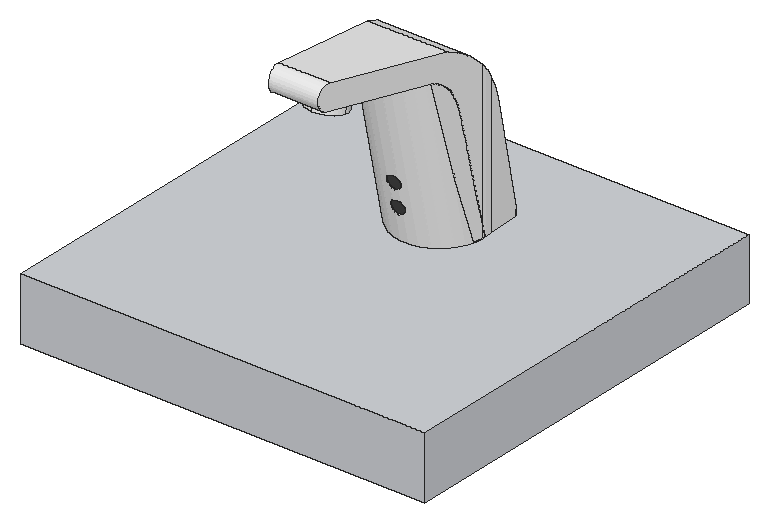
Revit family
Parameters (values of type "Chrome-Polished_Chrome-CP")
  Width [instance] = 0' - 2 5/8"
  WFU = 0
  URL = "http://www.us.kohler.com"
  Sensor = Black Sensors
  Product Page URL = "http://www.us.kohler.com/onlinecatalog/detail.jsp?prod_num=7515"
  Product Documentation Link = "http://www.us.kohler.com/onlinecatalog/pdf/1124217_4.pdf"
  Model = "K-7514"  # constant formula
  Manufacturer = "Kohler"  # constant formula
  Length [instance] = 0' - 6 3/4"
  Installation = "Single-hole"  # constant formula
  Hot Water Radius = 3/16"
  Hot Water Diameter = Hot Water Radius * 2  # 3/8"
  Hot Water Connector = "Hot Water Connection"  # constant formula
  Height [instance] = 0' - 6 1/8"
  HWFU = 0
  HW Connection = yes
  Finish = Chromel-Kohler-CP-Polished Chrome
  Description = "Sculpted Touchless™ DM Faucet"  # constant formula
  Default Elevation = 0' - 0"
  Created By = "http://medialab3dstudio.com"
  Cold Water Radius = 3/16"
  Cold Water Diameter = Cold Water Radius * 2  # 3/8"
  Cold Water Connector = "Cold Water Connection"  # constant formula
  CWFU = 0
  CW Connection = yes
  Assembly Code = "D2010"
  Actual Valve Water Flow = 0.5 GPM
Types (3): name | Product Page URL | Finish
  (no name) | "http://www.us.kohler.com/onlinecatalog/detail.jsp?prod_num=7515" | Chromel-Kohler-CP-Polished Chrome
  Chrome-Polished_Chrome-CP | "http://www.us.kohler.com/onlinecatalog/detail.jsp?prod_num=7515" | Chromel-Kohler-CP-Polished Chrome
  Steel-Vibrant_Stainless-VS | "http://www.us.kohler.com/onlinecatalog/detail.jsp?prod_num=7514" | Steel-Kohler-VS-Vibrant Stainless
Reference planes (in)
  plane 1 "Center (Front/Back)": y = 0
  plane 2: z = 0
  plane 3 "Center (Left/Right)": x = 0
  plane 4 "Back": y = 3.375
  plane 5 "Front": y = -3.375
  plane 6 "Left": x = -1.3125
  plane 7 "Faucet Right": x = 1.3125
  plane 8 "Top": z = 6.125
  plane 9: through (0, -2.94342, 6.1184) normal (0, -0.1812, -0.9835)
  plane 10: through (0, -3.07581, 5.39972) normal (0, -0.1812, -0.9835)
  plane 11: through (0, 2.07873, 0) normal (0, 0.9761, 0.2174)
  plane 12: through (0, 3.375, 0) normal (0, 0.9761, 0.2174)
  plane 13: z = 4.18675
  plane 14: z = 4.74242
  plane 15: x = -1.34375
  plane 16: x = 1.34375
  plane 17: y = -3.67127
  plane 18: y = 2.13994
  plane 19: through (0.73514, -3.32204, 48) normal (-0.9945, 0.1051, 0)
  plane 20: through (-0.73514, -3.32204, 48) normal (-0.9945, -0.1051, 0)
  plane 21: y = -3.32204
  plane 22: through (0, 2.07873, 0) normal (0, 0.9761, 0.2175)
  plane 23: z = 3.48198
  plane 24: y = -0.43019
  plane 25: z = 1.73559
  plane 26: z = 1.03176
  plane 27: through (0, 0.93975, 0) normal (0, 0.9761, 0.2175)
  plane 28: through (0, 0.68975, 0) normal (0, 0.9761, 0.2175)
  plane 29: through (0.38777, 5.82045, 47.78551) normal (0, -0.9833, 0.1822)
  plane 30 "Aeroator bottom": through (0, -2.69056, 4.97232) normal (0, -0.1822, -0.9833)
  plane 31: y = 2.07873
  plane 32: x = -0.3125
  plane 33: x = 0.3125
  plane 34: z = 0.27178
  plane 35: z = 5.39978
  plane 36: z = 5.2782
  plane 37: z = 4.97232
  plane 38: z = 5.17498
  plane 39: z = 4.86911
  plane 40: z = 4.76589
  plane 41: x = -0.56641
  plane 42: x = -0.38777
  plane 43: x = 0.38777
  plane 44: x = 0.56641
  plane 45: z = 4.80313
  plane 46: through (-1.11944, -180, 4.76589) normal (-0.9195, 0, 0.3931)
  plane 47: through (1.11944, -180, 4.76589) normal (-0.9195, 0, -0.3931)
  plane 48: z = 3.69251
  plane 49 "Mixer Right": x = 1.625
  plane 50: through (0, -2.69056, 5.32938) normal (0, -0.1822, -0.9833)
  plane 51: y = 5.125
Forms (in)
  Extrusion 1, solid
    sketch origin (0, 0, 0) x (1, 0, 0) y (0, 1, 0)
      loop
        line (-6, 6) -> (-6, -6) -> (6, -6) -> (6, 6) -> (-6, 6)
    from 0 to -1.85692
  Extrusion 2, solid, material "Chromel-Kohler-CP-Polished Chrome" <- "Finish", detail levels fine
    sketch origin (0, 0, 0) x (0, 1, 0) y (0, 0, 1)
      loop
        arc (-2.94342, 6.1184) -> (-3.36895, 5.82525) -> (-3.07581, 5.39972) r 0.36539
        line (-3.07581, 5.39972) -> (0.22378, 4.79191)
        arc (0.22378, 4.79191) -> (0.70476, 4.58392) -> (1.0466, 4.18675) r 1.16933
        arc (1.0466, 4.18675) -> (1.19778, 3.8427) -> (1.30312, 3.48198) r 2.89513
        line (1.30312, 3.48198) -> (2.07873, 0) -> (3.375, 0) -> (2.59939, 3.48198)
        arc (2.59939, 3.48198) -> (2.33458, 4.15905) -> (1.90071, 4.74242) r 2.73449
        arc (1.90071, 4.74242) -> (1.42347, 5.13533) -> (0.87242, 5.41549) r 2.83585
        line (0.87242, 5.41549) -> (-2.94342, 6.1184)
    from -1.3125 to 1.3125
  Extrusion 3, void
    sketch origin (0, 0, 0) x (1, 0, 0) y (0, 1, 0)
      loop
        line (-1.34375, 3.375) -> (-1.34375, -3.67127) -> (1.34375, -3.67127) -> (1.34375, 3.375) -> (1.18768, 3.375)
        arc (1.18768, 3.375) -> (1.22213, 3.36072) -> (1.23783, 3.32689) r 0.05135
        line (1.23783, 3.32689) -> (1.29986, 2.34092)
        arc (1.29986, 2.34092) -> (1.3083, 2.18062) -> (1.29986, 2.02033) r 1.52489
        line (1.29986, 2.02033) -> (0.72955, -3.375) -> (-0.72955, -3.375) -> (-1.29986, 2.02033)
        arc (-1.29986, 2.02033) -> (-1.3083, 2.18062) -> (-1.29986, 2.34092) r 1.52489
        line (-1.29986, 2.34092) -> (-1.23783, 3.32689)
        arc (-1.23783, 3.32689) -> (-1.22213, 3.36072) -> (-1.18768, 3.375) r 0.05135
        line (-1.18768, 3.375) -> (-1.34375, 3.375)
    from 0 to 6.125
  Sweep 4, solid, material "Chromel-Kohler-CP-Polished Chrome" <- "Finish", detail levels fine
    path origin (0, 0, 0) x (0, 1, 0) y (0, 0, 1)
      loop
        line (2.07873, 0) -> (0.89136, 5.32907)
    profile origin (0, 1.48505, 2.66453) x (0, -0.976066, -0.217477) y (1, 0, 0)
      loop
        line (0, 1.3125) -> (0, -1.3125)
        arc (0, -1.3125) -> (1.3125, 0) -> (0, 1.3125) r 1.3125
  Extrusion 5, void
    sketch origin (0, 0, 0) x (0, 1, 0) y (0, 0, 1)
      loop
        arc (0.22378, 4.79191) -> (0.70476, 4.58392) -> (1.0466, 4.18675) r 1.16933
        arc (1.0466, 4.18675) -> (1.20271, 3.84236) -> (1.31714, 3.48198) r 3.20179
        line (1.31714, 3.48198) -> (2.59939, 3.48198)
        arc (2.59939, 3.48198) -> (2.33458, 4.15905) -> (1.90071, 4.74242) r 2.73449
        arc (1.90071, 4.74242) -> (1.42347, 5.13533) -> (0.87242, 5.41549) r 2.83585
        line (0.87242, 5.41549) -> (-0.43019, 5.65544) -> (-0.43019, 4.91237) -> (0.22378, 4.79191)
    from -1.3125 to 1.3125
  Extrusion 6, void
    sketch origin (0, 0.28242, -0.02891) x (1, 0, 0) y (0, -0.217488, 0.976063)
      loop
        circle (0, 1.73559) r 0.21875
    from -0.64788 to -0.40387
  Extrusion 7, void
    sketch origin (0, 0.28242, -0.8032) x (1, 0, 0) y (0, -0.217488, 0.976063)
      loop
        circle (0, 1.73559) r 0.21875
    from -0.81628 to -0.57227
  Extrusion 8, solid, material "Chromel-Kohler-CP-Polished Chrome" <- "Finish", detail levels fine
    sketch origin (-10.0876, 1.76777, -0.28082) x (1, 0, 0) y (0, 0.983255, -0.182236)
      loop
        arc (9.5212, -4.77457) -> (9.68709, -5.17508) -> (10.0876, -5.34098) r 0.56641
        arc (10.0876, -5.34098) -> (10.48811, -5.17508) -> (10.65401, -4.77457) r 0.56641
        arc (10.65401, -4.77457) -> (10.48811, -4.37406) -> (10.0876, -4.20817) r 0.56641
        arc (10.0876, -4.20817) -> (9.68709, -4.37406) -> (9.5212, -4.77457) r 0.56641
      loop
        arc (9.69983, -4.77457) -> (9.81341, -5.04877) -> (10.0876, -5.16234) r 0.38777
        arc (10.0876, -5.16234) -> (10.36179, -5.04877) -> (10.47537, -4.77457) r 0.38777
        arc (10.47537, -4.77457) -> (10.36179, -4.50038) -> (10.0876, -4.38681) r 0.38777
        arc (10.0876, -4.38681) -> (9.81341, -4.50038) -> (9.69983, -4.77457) r 0.38777
    from 4.35272 to 4.70325
  Extrusion 9, solid, not visible, detail levels fine
    sketch origin (0, 0, 0) x (1, 0, 0) y (0, 1, 0)
      loop
        arc (-0.5, 2.07873) -> (-0.44508, 1.94615) -> (-0.3125, 1.89123) r 0.1875
        arc (-0.3125, 1.89123) -> (-0.17992, 1.94615) -> (-0.125, 2.07873) r 0.1875
        arc (-0.125, 2.07873) -> (-0.17992, 2.21131) -> (-0.3125, 2.26623) r 0.1875
        arc (-0.3125, 2.26623) -> (-0.44508, 2.21131) -> (-0.5, 2.07873) r 0.1875
      loop
        arc (0.125, 2.07873) -> (0.17992, 1.94615) -> (0.3125, 1.89123) r 0.1875
        arc (0.3125, 1.89123) -> (0.44508, 1.94615) -> (0.5, 2.07873) r 0.1875
        arc (0.5, 2.07873) -> (0.44508, 2.21131) -> (0.3125, 2.26623) r 0.1875
        arc (0.3125, 2.26623) -> (0.17992, 2.21131) -> (0.125, 2.07873) r 0.1875
    from 0.27178 to 0
  Extrusion 10, solid, material "Black Sensors" <- "Sensor", detail levels fine
    sketch origin (0, 0.11812, -0.06581) x (1, 0, 0) y (0, -0.217488, 0.976063)
      loop
        circle (0, 1.73559) r 0.20312
    from -0.81628 to -0.63688
  Extrusion 11, solid, material "Black Sensors" <- "Sensor", detail levels fine
    sketch origin (0, 0.28242, -0.8032) x (1, 0, 0) y (0, -0.217488, 0.976063)
      loop
        circle (0, 1.73559) r 0.20442
    from -0.81628 to -0.63688
  Extrusion 12, solid, material "Chromel-Kohler-CP-Polished Chrome" <- "Finish", detail levels coarse+medium
    sketch origin (-1.18768, 3.375, 0) x (1, 0, 0) y (0, 1, 0)
      loop
        line (-0.12482, 0) -> (-0.12482, -6.75) -> (2.81322, -6.75) -> (2.81322, 0) -> (-0.12482, 0)
    from 0 to 6.125
Cuts and joins
  Extrusion 3 cuts Extrusion 2
  joined: Extrusion 2, Extrusion 8
  Extrusion 3, Extrusion 5, Extrusion 6, Extrusion 7 cuts Sweep 4
Lines and regions (in)
  Masking region 1, detail levels coarse
    outline origin (0, 0, 0) x (1, 0, 0) y (0, 1, 0)
      loop
        line (-1.3125, 3.375) -> (-1.3125, -3.375) -> (1.3125, -3.375) -> (1.3125, 3.375) -> (-1.3125, 3.375)
  Masking region 2, detail levels medium
    outline origin (0, 0, 0) x (1, 0, 0) y (0, 1, 0)
      loop
        line (-1.2348, 3.375) -> (-1.29986, 2.34092)
        arc (-1.29986, 2.34092) -> (-1.3083, 2.18062) -> (-1.29986, 2.02033) r 1.52489
        line (-1.29986, 2.02033) -> (-0.72955, -3.375) -> (0.72955, -3.375) -> (1.29986, 2.02033)
        arc (1.29986, 2.02033) -> (1.3083, 2.18062) -> (1.29986, 2.34092) r 1.52489
        line (1.29986, 2.34092) -> (1.2348, 3.375) -> (-1.2348, 3.375)
  Masking region 3, detail levels fine
    outline origin (0, 0, 0) x (1, 0, 0) y (0, 1, 0)
      loop
        line (-1.23783, 3.32689) -> (-1.29986, 2.34092)
        arc (-1.29986, 2.34092) -> (-1.3083, 2.18062) -> (-1.29986, 2.02033) r 1.52489
        line (-1.29986, 2.02033) -> (-0.72955, -3.375) -> (0.72955, -3.375) -> (1.29986, 2.02033)
        arc (1.29986, 2.02033) -> (1.3083, 2.18062) -> (1.29986, 2.34092) r 1.52489
        line (1.29986, 2.34092) -> (1.23783, 3.32689)
        arc (1.23783, 3.32689) -> (1.22213, 3.36072) -> (1.18768, 3.375) r 0.05135
        line (1.18768, 3.375) -> (-1.18768, 3.375)
        arc (-1.18768, 3.375) -> (-1.22213, 3.36072) -> (-1.23783, 3.32689) r 0.05135
  Masking region 4, detail levels coarse
    outline origin (0, 0, 0) x (1, 0, 0) y (0, 0, 1)
      loop
        line (-1.3125, 6.125) -> (-1.3125, 0) -> (1.3125, 0) -> (1.3125, 6.125) -> (-1.3125, 6.125)
  Masking region 5, detail levels medium+fine
    outline origin (0, 0, 0) x (1, 0, 0) y (0, 0, 1)
      loop
        arc (-1.17852, 5.41549) -> (-1.27622, 4.87366) -> (-1.3125, 4.32429) r 4.89866
        line (-1.3125, 4.32429) -> (-1.3125, 0) -> (1.3125, 0) -> (1.3125, 4.32429)
        arc (1.3125, 4.32429) -> (1.27622, 4.87366) -> (1.17852, 5.41549) r 4.89866
        line (1.17852, 5.41549) -> (0.77517, 6.1184) -> (-0.77517, 6.1184) -> (-1.17852, 5.41549)
  Masking region 6, detail levels coarse
    outline origin (0, 0, 0) x (0, 1, 0) y (0, 0, 1)
      loop
        line (3.375, 6.125) -> (-3.375, 6.125) -> (-3.375, 0) -> (3.375, 0) -> (3.375, 6.125)
  Masking region 7, detail levels medium+fine
    outline origin (0, 0, 0) x (0, 1, 0) y (0, 0, 1)
      loop
        line (3.375, 0) -> (2.59939, 3.48198)
        arc (2.59939, 3.48198) -> (2.33458, 4.15905) -> (1.90071, 4.74242) r 2.73449
        arc (1.90071, 4.74242) -> (1.42347, 5.13533) -> (0.87242, 5.41549) r 2.83585
        line (0.87242, 5.41549) -> (-2.94342, 6.1184)
        arc (-2.94342, 6.1184) -> (-3.36895, 5.82525) -> (-3.07581, 5.39972) r 0.36539
        line (-3.07581, 5.39972) -> (-2.62705, 5.31705) -> (-2.69056, 4.97232) -> (-1.57671, 4.76589) -> (-1.51299, 5.11183) -> (-0.35762, 4.89901) -> (0.73398, 0) -> (3.375, 0)
  Masking region 8, detail levels fine
    outline origin (0, 0, 0) x (0, 1, 0) y (0, 0, 1)
      loop
        line (3.375, 0) -> (2.59939, 3.48198)
        arc (2.59939, 3.48198) -> (2.33458, 4.15905) -> (1.90071, 4.74242) r 2.73449
        arc (1.90071, 4.74242) -> (1.42347, 5.13533) -> (0.87242, 5.41549) r 2.83585
        line (0.87242, 5.41549) -> (-2.94342, 6.1184)
        arc (-2.94342, 6.1184) -> (-3.36895, 5.82525) -> (-3.07581, 5.39972) r 0.36539
        line (-3.07581, 5.39972) -> (0.22378, 4.79191)
        arc (0.22378, 4.79191) -> (0.70476, 4.58392) -> (1.0466, 4.18675) r 1.16933
        arc (1.0466, 4.18675) -> (1.16168, 3.94402) -> (1.256, 3.69251) r 3.20179
        line (1.256, 3.69251) -> (2.07873, 0) -> (3.375, 0)
  symbolic lines, style "Masking Lines", detail levels fine
    curve 1: spline (-0.7678, -3.375, 6.125) -> (-0.75843, -3.375, 6.11341) -> (-0.74965, -3.375, 6.08047) -> (-0.74197, -3.375, 6.02817) -> (-0.73586, -3.375, 5.95967) -> (-0.7317, -3.375, 5.87909) -> (-0.72973, -3.375, 5.79129) -> (-0.73006, -3.375, 5.70157) -> (-0.73269, -3.375, 5.61534) -> (-0.73745, -3.375, 5.5378) -> (-0.74406, -3.375, 5.47361) -> (-0.75211, -3.375, 5.42666) -> (-0.76112, -3.375, 5.39978)
    curve 2: line (-0.76117, -3.375, 5.39972) -> (-1.10351, -3.375, 4.80313)
    curve 3: spline (-1.11944, -3.375, 4.76589) -> (-1.12767, -3.375, 4.74224) -> (-1.1357, -3.375, 4.71321) -> (-1.1435, -3.375, 4.67893) -> (-1.15104, -3.375, 4.63957) -> (-1.15826, -3.375, 4.59532) -> (-1.16515, -3.375, 4.54639) -> (-1.17166, -3.375, 4.49303) -> (-1.17776, -3.375, 4.43548) -> (-1.18343, -3.375, 4.37404) -> (-1.18864, -3.375, 4.30899) -> (-1.19336, -3.375, 4.24065) -> (-1.19757, -3.375, 4.16936)
    curve 4: spline (-1.19757, -3.375, 4.16936) -> (-1.20048, -3.375, 4.11431) -> (-1.20327, -3.375, 4.05867) -> (-1.20593, -3.375, 4.00249) -> (-1.20846, -3.375, 3.94577) -> (-1.21087, -3.375, 3.88856) -> (-1.21315, -3.375, 3.83087) -> (-1.21529, -3.375, 3.77272) -> (-1.21731, -3.375, 3.71416) -> (-1.2192, -3.375, 3.6552) -> (-1.22095, -3.375, 3.59587) -> (-1.22257, -3.375, 3.53619) -> (-1.22405, -3.375, 3.4762)
    curve 5: line (-1.21906, -3.375, 3.69251) -> (-1.29986, -3.375, 0.26213)
    curve 6: spline (0.76112, -3.375, 5.39978) -> (0.75211, -3.375, 5.42666) -> (0.74406, -3.375, 5.47361) -> (0.73745, -3.375, 5.5378) -> (0.73269, -3.375, 5.61534) -> (0.73006, -3.375, 5.70157) -> (0.72973, -3.375, 5.79129) -> (0.7317, -3.375, 5.87909) -> (0.73586, -3.375, 5.95967) -> (0.74197, -3.375, 6.02817) -> (0.74965, -3.375, 6.08047) -> (0.75843, -3.375, 6.11341) -> (0.7678, -3.375, 6.125)
    curve 7: line (1.10351, -3.375, 4.80313) -> (0.76117, -3.375, 5.39972)
    curve 8: spline (1.19757, -3.375, 4.16936) -> (1.19336, -3.375, 4.24065) -> (1.18864, -3.375, 4.30899) -> (1.18343, -3.375, 4.37404) -> (1.17776, -3.375, 4.43548) -> (1.17166, -3.375, 4.49303) -> (1.16515, -3.375, 4.54639) -> (1.15826, -3.375, 4.59532) -> (1.15104, -3.375, 4.63957) -> (1.1435, -3.375, 4.67893) -> (1.1357, -3.375, 4.71321) -> (1.12767, -3.375, 4.74224) -> (1.11944, -3.375, 4.76589)
    curve 9: spline (1.22405, -3.375, 3.4762) -> (1.22257, -3.375, 3.53619) -> (1.22095, -3.375, 3.59587) -> (1.2192, -3.375, 3.6552) -> (1.21731, -3.375, 3.71416) -> (1.21529, -3.375, 3.77272) -> (1.21315, -3.375, 3.83087) -> (1.21087, -3.375, 3.88856) -> (1.20846, -3.375, 3.94577) -> (1.20593, -3.375, 4.00249) -> (1.20327, -3.375, 4.05867) -> (1.20048, -3.375, 4.11431) -> (1.19757, -3.375, 4.16936)
    curve 10: line (1.29986, -3.375, 0.26213) -> (1.21906, -3.375, 3.69251)
    curve 11: line (-0.76112, -3.375, 5.39978) -> (0.76112, -3.375, 5.39978)
    curve 12: line (-0.56641, -3.375, 5.17498) -> (-0.56641, -3.375, 4.86911)
    curve 13: line (0.56641, -3.375, 5.17498) -> (0.56641, -3.375, 4.86911)
    curve 14: spline (-0.56641, -3.375, 5.17498) -> (-0.56156, -3.375, 5.18846) -> (-0.54711, -3.375, 5.2017) -> (-0.52329, -3.375, 5.21448) -> (-0.49052, -3.375, 5.22659) -> (-0.44936, -3.375, 5.23782) -> (-0.40051, -3.375, 5.24797) -> (-0.34481, -3.375, 5.25687) -> (-0.2832, -3.375, 5.26438) -> (-0.21675, -3.375, 5.27035) -> (-0.1466, -3.375, 5.27469) -> (-0.07393, -3.375, 5.27732) -> (0, -3.375, 5.2782)
    curve 15: spline (0, -3.375, 5.2782) -> (0.07393, -3.375, 5.27732) -> (0.1466, -3.375, 5.27469) -> (0.21675, -3.375, 5.27035) -> (0.2832, -3.375, 5.26438) -> (0.34481, -3.375, 5.25687) -> (0.40051, -3.375, 5.24797) -> (0.44936, -3.375, 5.23782) -> (0.49052, -3.375, 5.22659) -> (0.52329, -3.375, 5.21448) -> (0.54711, -3.375, 5.2017) -> (0.56156, -3.375, 5.18846) -> (0.56641, -3.375, 5.17498)
    curve 16: spline (0, -3.375, 4.97232) -> (-0.07393, -3.375, 4.97144) -> (-0.1466, -3.375, 4.96881) -> (-0.21675, -3.375, 4.96447) -> (-0.2832, -3.375, 4.9585) -> (-0.34481, -3.375, 4.95099) -> (-0.40051, -3.375, 4.94209) -> (-0.44936, -3.375, 4.93194) -> (-0.49052, -3.375, 4.92072) -> (-0.52329, -3.375, 4.90861) -> (-0.54711, -3.375, 4.89582) -> (-0.56156, -3.375, 4.88258) -> (-0.56641, -3.375, 4.86911)
    curve 17: spline (0.56641, -3.375, 4.86911) -> (0.56156, -3.375, 4.88258) -> (0.54711, -3.375, 4.89582) -> (0.52329, -3.375, 4.90861) -> (0.49052, -3.375, 4.92072) -> (0.44936, -3.375, 4.93194) -> (0.40051, -3.375, 4.94209) -> (0.34481, -3.375, 4.95099) -> (0.2832, -3.375, 4.9585) -> (0.21675, -3.375, 4.96447) -> (0.1466, -3.375, 4.96881) -> (0.07393, -3.375, 4.97144) -> (0, -3.375, 4.97232)
    curve 18: spline (0, -3.375, 4.76589) -> (0.07393, -3.375, 4.76677) -> (0.1466, -3.375, 4.7694) -> (0.21675, -3.375, 4.77374) -> (0.2832, -3.375, 4.77971) -> (0.34481, -3.375, 4.78722) -> (0.40051, -3.375, 4.79612) -> (0.44936, -3.375, 4.80627) -> (0.49052, -3.375, 4.8175) -> (0.52329, -3.375, 4.82961) -> (0.54711, -3.375, 4.84239) -> (0.56156, -3.375, 4.85563) -> (0.56641, -3.375, 4.86911)
    curve 19: spline (-0.56641, -3.375, 4.86911) -> (-0.56156, -3.375, 4.85563) -> (-0.54711, -3.375, 4.84239) -> (-0.52329, -3.375, 4.82961) -> (-0.49052, -3.375, 4.8175) -> (-0.44936, -3.375, 4.80627) -> (-0.40051, -3.375, 4.79612) -> (-0.34481, -3.375, 4.78722) -> (-0.2832, -3.375, 4.77971) -> (-0.21675, -3.375, 4.77374) -> (-0.1466, -3.375, 4.7694) -> (-0.07393, -3.375, 4.76677) -> (0, -3.375, 4.76589)
    curve 20: spline (-0.38777, -3.375, 4.86911) -> (-0.38445, -3.375, 4.87833) -> (-0.37455, -3.375, 4.88739) -> (-0.35825, -3.375, 4.89615) -> (-0.33582, -3.375, 4.90444) -> (-0.30764, -3.375, 4.91212) -> (-0.27419, -3.375, 4.91907) -> (-0.23606, -3.375, 4.92517) -> (-0.19388, -3.375, 4.9303) -> (-0.14839, -3.375, 4.93439) -> (-0.10036, -3.375, 4.93736) -> (-0.05061, -3.375, 4.93917) -> (0, -3.375, 4.93977)
    curve 21: spline (0, -3.375, 4.93977) -> (0.05061, -3.375, 4.93917) -> (0.10036, -3.375, 4.93736) -> (0.14839, -3.375, 4.93439) -> (0.19388, -3.375, 4.9303) -> (0.23606, -3.375, 4.92517) -> (0.27419, -3.375, 4.91907) -> (0.30764, -3.375, 4.91212) -> (0.33582, -3.375, 4.90444) -> (0.35825, -3.375, 4.89615) -> (0.37455, -3.375, 4.88739) -> (0.38445, -3.375, 4.87833) -> (0.38777, -3.375, 4.86911)
    curve 22: spline (0.38777, -3.375, 4.86911) -> (0.38445, -3.375, 4.85988) -> (0.37455, -3.375, 4.85082) -> (0.35825, -3.375, 4.84206) -> (0.33582, -3.375, 4.83377) -> (0.30764, -3.375, 4.82609) -> (0.27419, -3.375, 4.81914) -> (0.23606, -3.375, 4.81304) -> (0.19388, -3.375, 4.80791) -> (0.14839, -3.375, 4.80382) -> (0.10036, -3.375, 4.80085) -> (0.05061, -3.375, 4.79904) -> (0, -3.375, 4.79844)
    curve 23: spline (0, -3.375, 4.79844) -> (-0.05061, -3.375, 4.79904) -> (-0.10036, -3.375, 4.80085) -> (-0.14839, -3.375, 4.80382) -> (-0.19388, -3.375, 4.80791) -> (-0.23606, -3.375, 4.81304) -> (-0.27419, -3.375, 4.81914) -> (-0.30764, -3.375, 4.82609) -> (-0.33582, -3.375, 4.83377) -> (-0.35825, -3.375, 4.84206) -> (-0.37455, -3.375, 4.85082) -> (-0.38445, -3.375, 4.85988) -> (-0.38777, -3.375, 4.86911)
    curve 24: line (1.13536, -3.375, 4.72864) -> (1.11944, -3.375, 4.76589)
    curve 25: line (-1.10351, -3.375, 4.80313) -> (-1.11944, -3.375, 4.76589)
    curve 26: line (-1.29986, 2.02033, 0) -> (1.29986, 2.02033, 0)
Dimensions and locks (in)
  equal spacing: plane 6 "Left", plane 3 "Center (Left/Right)", plane 7 "Faucet Right"
  equal spacing: plane 5 "Front", plane 1 "Center (Front/Back)", plane 4 "Back"
  "Length": plane 5 "Front" to plane 4 "Back"
  "Height": plane 8 "Top" to plane 2
  locked: plane 10 to plane 9 at 0.73077
  locked: plane 12 to plane 11 at 1.26526
  locked: plane 8 "Top" to plane 14 at 1.38258
  locked: plane 13 to plane 14 at 0.55567
  plane 19 to Extrusion 3 sketch curve = 0' - 0"
  Extrusion 3 sketch curve to plane 20 = 0' - 0.09875"
  locked: plane 4 "Back" to plane 18 at 1.23506
  locked: plane 18 to plane 21 at 5.46198
  locked: plane 21 to plane 17 at 0.34923
  locked: plane 15 to plane 16 at 2.6875
  locked: plane 23 to plane 2 at 3.48198
  locked: plane 24 to plane 5 "Front" at 2.94481
  plane 32 to plane 3 "Center (Left/Right)" to plane 33 = 0' - 0 5/16" locked, 0' - 0 5/16" locked
  locked: plane 4 "Back" to plane 31 at 1.29627
  locked: plane 30 "Aeroator bottom" to plane 50 at 0.35108
  "Width": plane 7 "Faucet Right" to plane 6 "Left"
  radius of Extrusion 2 sketch curve = 0' - 2.73449"
  radius of Extrusion 2 sketch curve = 0' - 2.83585"
  radius of Extrusion 2 sketch curve = 0' - 1.16933"
  radius of Extrusion 2 sketch curve = 0' - 2.89513"
  radius of Extrusion 5 sketch curve = 0' - 3.20179"
  radius of Extrusion 6 sketch curve = 0' - 0 7/32"
  radius of Extrusion 7 sketch curve = 0' - 0 7/32"
  radius of Extrusion 10 sketch curve = 0' - 0 13/64"
  radius of Extrusion 11 sketch curve = 0' - 0.20442"
  locked: plane 8 "Top" to plane 9 (angle 10.4373°)
  locked: plane 12 to plane 4 "Back" (angle 12.5577°)
  locked: plane 19 to plane 16 (angle 6.03402°)
  locked: plane 15 to plane 20 (angle 6.03402°)
  locked: plane 22 to plane 1 "Center (Front/Back)" (angle 12.5609°)
  locked: plane 30 "Aeroator bottom" to plane 5 "Front" (angle 79.50°)
  locked: curve 24 to plane 40 (angle 66.8498°)
  locked: plane 40 to curve 25 (angle 66.8498°)
  aligned and locked: plane 2 to Extrusion 1
  aligned and locked: level to Extrusion 1
  aligned and locked: plane 2 to Extrusion 2 sketch curve
  aligned and locked: plane 9 to Extrusion 2 sketch curve
  aligned and locked: plane 10 to Extrusion 2 sketch curve
  aligned and locked: plane 11 to Extrusion 2 sketch curve
  aligned and locked: plane 12 to Extrusion 2 sketch curve
  aligned and locked: plane 13 to Extrusion 2 sketch curve
  aligned and locked: plane 14 to Extrusion 2 sketch curve
  aligned and locked: Extrusion 2 to plane 6 "Left"
  aligned and locked: plane 7 "Faucet Right" to Extrusion 2
  aligned and locked: plane 15 to Extrusion 3 sketch curve
  aligned and locked: plane 16 to Extrusion 3 sketch curve
  aligned and locked: plane 17 to Extrusion 3 sketch curve
  aligned and locked: Extrusion 3 sketch curve to plane 5 "Front"
  aligned and locked: Extrusion 3 sketch curve to plane 19
  aligned and locked: plane 8 "Top" to Extrusion 3
  aligned and locked: Extrusion 3 to plane 2
  aligned and locked: Extrusion 3 sketch curve to plane 20
  aligned and locked: Sweep 4 sketch curve to plane 22
  aligned and locked: plane 6 "Left" to Sweep 4 sketch curve
  aligned and locked: plane 7 "Faucet Right" to Sweep 4 sketch curve
  aligned and locked: Extrusion 5 sketch curve to cut or joined group of Extrusion 2, Extrusion 3, Extrusion 8  (x4)
  aligned and locked: cut or joined group of Extrusion 2, Extrusion 3, Extrusion 8 to Extrusion 5 sketch curve
  aligned and locked: plane 23 to Extrusion 5 sketch curve
  aligned and locked: plane 24 to Extrusion 5 sketch curve
  aligned and locked: Extrusion 5 to plane 6 "Left"
  aligned and locked: plane 7 "Faucet Right" to Extrusion 5
  aligned and locked: Extrusion 6 to plane 28
  aligned and locked: plane 27 to Extrusion 6
  aligned and locked: plane 27 to Extrusion 7
  aligned and locked: Extrusion 7 to plane 28
  aligned and locked: plane 3 "Center (Left/Right)" to Extrusion 8 sketch curve  (x4)
  aligned and locked: plane 29 to Extrusion 8 sketch curve  (x4)
  aligned and locked: plane 30 "Aeroator bottom" to Extrusion 8
  aligned and locked: plane 32 to Extrusion 9 sketch curve  (x2)
  aligned and locked: plane 31 to Extrusion 9 sketch curve  (x4)
  aligned and locked: plane 33 to Extrusion 9 sketch curve  (x2)
  aligned and locked: plane 2 to Extrusion 9
  aligned and locked: plane 34 to Extrusion 9
  aligned and locked: Masking region 1 sketch curve to plane 4 "Back"
  aligned and locked: Masking region 1 sketch curve to plane 7 "Faucet Right"
  aligned and locked: Masking region 1 sketch curve to plane 5 "Front"
  aligned and locked: plane 6 "Left" to Masking region 1 sketch curve
  aligned and locked: Masking region 2 sketch curve to cut or joined group of Extrusion 2, Extrusion 3, Extrusion 8  (x6)
  aligned and locked: plane 5 "Front" to Masking region 2 sketch curve
  aligned and locked: Masking region 3 sketch curve to cut or joined group of Extrusion 2, Extrusion 3, Extrusion 8  (x7)
  aligned and locked: Masking region 3 sketch curve to plane 5 "Front"
  aligned and locked: Masking region 4 sketch curve to plane 8 "Top"
  aligned and locked: Masking region 4 sketch curve to plane 7 "Faucet Right"
  aligned and locked: plane 2 to Masking region 4 sketch curve
  aligned and locked: plane 6 "Left" to Masking region 4 sketch curve
  aligned and locked: Masking region 5 sketch curve to cut or joined group of Extrusion 2, Extrusion 3, Extrusion 8  (x3)
  aligned and locked: plane 7 "Faucet Right" to Masking region 5 sketch curve
  aligned and locked: Masking region 5 sketch curve to plane 6 "Left"
  aligned and locked: plane 2 to Masking region 5 sketch curve
  aligned and locked: plane 46 to curve 25
  aligned and locked: plane 47 to curve 24
  aligned and locked: Masking region 6 sketch curve to plane 8 "Top"
  aligned and locked: Masking region 6 sketch curve to plane 5 "Front"
  aligned and locked: plane 2 to Masking region 6 sketch curve
  aligned and locked: Masking region 6 sketch curve to plane 4 "Back"
  aligned and locked: Masking region 7 sketch curve to cut or joined group of Extrusion 2, Extrusion 3, Extrusion 8  (x10)
  aligned and locked: Masking region 8 sketch curve to cut or joined group of Extrusion 2, Extrusion 3, Extrusion 8  (x6)
  aligned and locked: Masking region 8 sketch curve to cut or joined group of Extrusion 3, Sweep 4, Extrusion 5, Extrusion 6, Extrusion 7  (x3)
Automatic sketch dimensions
  curve 1 to plane 35 = 0' - 0"
  plane 35 to curve 1 = 0' - 0.00597"  (x2)
  plane 41 to curve 1 = 0' - 0.20164"  (x2)
  plane 41 to curve 1 = 0' - 0.2014"
  curve 1 to curve 11 = 0' - 0.00915"
  curve 11 to plane 44 = 0' - 0.19472"  (x2)
  curve 6 to plane 44 = 0' - 0.2014"
  plane 35 to curve 6 = 0' - 0.00597"  (x2)
  curve 11 to curve 6 = 0' - 0.00915"
  curve 1 to plane 35 = 0' - 0.35963"
  curve 6 to plane 35 = 0' - 0.35963"
  plane 45 to curve 24 = 0' - 0.07449"
  curve 24 to plane 47 = 0' - 0"
  curve 7 to plane 45 = 0' - 0"  (x2)
  curve 7 to plane 47 = 0' - 0"  (x2)
  curve 8 to plane 40 = 0' - 0"  (x2)
  plane 47 to curve 8 = 0' - 0"  (x2)
  plane 35 to curve 7 = 0' - 0.00006"  (x2)
  curve 11 to curve 7 = 0' - 0.00008"
  curve 6 to curve 9 = 0' - 0.1627"
  curve 8 to plane 45 = 0' - 0.00181"
  curve 8 to curve 7 = 0' - 0.01576"
  plane 48 to curve 8 = 0' - 0.47685"
  curve 8 to curve 8 = 0' - 0.55011"
  curve 8 to curve 9 = 0' - 0.20565"
  curve 9 to curve 8 = 0' - 0.20565"
  curve 9 to curve 9 = 0' - 0.69668"
  curve 19 to plane 39 = 0' - 0"  (x2)
  curve 14 to plane 38 = 0' - 0"  (x2)
  plane 41 to curve 14 = 0' - 0"
  curve 15 to plane 38 = 0' - 0"  (x2)
  curve 18 to plane 40 = 0' - 0"
  curve 14 to plane 36 = 0' - 0"
  curve 18 to plane 39 = 0' - 0"
  plane 44 to curve 19 = 0' - 0"
  plane 44 to curve 13 = 0' - 0"
  plane 44 to curve 14 = 0' - 0"
  curve 16 to plane 39 = 0' - 0"  (x2)
  plane 41 to curve 16 = 0' - 0"  (x2)
  curve 17 to plane 39 = 0' - 0"  (x2)
  curve 16 to plane 37 = 0' - 0"  (x2)
  plane 44 to curve 16 = 0' - 0"
  plane 44 to curve 17 = 0' - 0"  (x2)
  curve 23 to plane 39 = 0' - 0"
  plane 42 to curve 23 = 0' - 0"
  curve 22 to plane 39 = 0' - 0"  (x2)
  plane 43 to curve 23 = 0' - 0"
  plane 43 to curve 21 = 0' - 0"
  plane 43 to curve 20 = 0' - 0"
  plane 45 to curve 22 = 0' - 0.00469"
  plane 37 to curve 21 = 0' - 0.03255"
  curve 25 to plane 40 = 0' - 0"
  plane 46 to curve 3 = 0' - 0"  (x2)
  curve 25 to plane 46 = 0' - 0"
  curve 2 to plane 45 = 0' - 0"  (x2)
  curve 4 to curve 3 = 0' - 0.60162"
  curve 4 to plane 48 = 0' - 0.2163"
  plane 41 to curve 4 = 0' - 0.65764"
  curve 3 to plane 45 = 0' - 0.00181"  (x2)
  curve 25 to curve 3 = 0' - 0.01576"
  plane 41 to curve 4 = 0' - 0.36173"  (x2)
  plane 35 to curve 2 = 0' - 0.00006"  (x2)
  curve 2 to curve 11 = 0' - 0.00008"
  curve 4 to curve 4 = 0' - 0.69668"
  curve 3 to plane 48 = 0' - 0.06221"  (x2)
  curve 5 to plane 48 = 0' - 0"  (x2)
  curve 10 to plane 48 = 0' - 0"  (x2)
  plane 41 to curve 5 = 0' - 0.73345"
  curve 5 to curve 3 = 0' - 0.1452"
  curve 8 to curve 10 = 0' - 0.1452"
  curve 10 to plane 44 = 0' - 0.73345"
  curve 10 to curve 9 = 0' - 2.60997"
  curve 5 to curve 10 = 0' - 2.59971"
  Extrusion 1 sketch curve to Extrusion 1 sketch curve = 1' - 0"  (x2)
  Extrusion 2 sketch curve to plane 11 = 0' - 0"  (x2)
  plane 14 to Extrusion 2 sketch curve = 0' - 0"
  Extrusion 2 sketch curve to plane 4 "Back" = 0' - 0"
  plane 45 to Extrusion 2 sketch curve = 0' - 0.01122"
  Extrusion 2 sketch curve to plane 1 "Center (Front/Back)" = 0' - 0.01195"
  Extrusion 2 sketch curve to Extrusion 2 sketch curve = 0' - 0.06901"
  Extrusion 2 sketch curve to plane 8 "Top" = 0' - 0.0066"
  Extrusion 2 sketch curve to plane 35 = 0' - 0.35928"
  plane 35 to Extrusion 2 sketch curve = 0' - 0.00006"
  Extrusion 2 sketch curve to plane 48 = 0' - 0.21053"
  Extrusion 3 sketch curve to plane 4 "Back" = 0' - 0"
  plane 6 "Left" to Extrusion 3 sketch curve = 0' - 0.01264"  (x2)
  plane 6 "Left" to Extrusion 3 sketch curve = 0' - 0.07467"
  Extrusion 3 sketch curve to Extrusion 3 sketch curve = 0' - 0.05014"
  Extrusion 3 sketch curve to Extrusion 3 sketch curve = 0' - 0.05124"  (x2)
  plane 18 to Extrusion 3 sketch curve = 0' - 0.04068"  (x2)
  Extrusion 3 sketch curve to plane 42 = 0' - 0.17118"
  plane 43 to Extrusion 3 sketch curve = 0' - 0.17118"
  Extrusion 3 sketch curve to plane 7 "Faucet Right" = 0' - 0.12592"
  Extrusion 3 sketch curve to Extrusion 3 sketch curve = 0' - 0.0011"
  Extrusion 3 sketch curve to plane 4 "Back" = 0' - 0.04811"
  Extrusion 3 sketch curve to plane 7 "Faucet Right" = 0' - 0.01264"  (x2)
  Extrusion 3 sketch curve to Extrusion 3 sketch curve = 0' - 0.05133"
  Sweep 4 sketch curve to level = 0' - 0"
  Sweep 4 sketch curve to plane 36 = 0' - 0.05086"
  Sweep 4 sketch curve to profile plane = 0' - 0"
  plane 23 to Extrusion 5 sketch curve = 0' - 0.78703"
  Extrusion 5 sketch curve to plane 24 = 0' - 1.35622"
  plane 45 to Extrusion 5 sketch curve = 0' - 0.01122"
  Extrusion 6 sketch curve to plane 3 "Center (Left/Right)" = 0' - 0"
  Extrusion 7 sketch curve to plane 3 "Center (Left/Right)" = 0' - 0"
  Extrusion 8 sketch curve to plane 41 = 0' - 0"
  Extrusion 8 sketch curve to plane 42 = 0' - 0"
  Extrusion 9 sketch curve to plane 41 = 0' - 0 17/256"
  plane 3 "Center (Left/Right)" to Extrusion 9 sketch curve = 0' - 0 1/8"
  plane 6 "Left" to Masking region 2 sketch curve = 0' - 0.01264"
  Masking region 2 sketch curve to plane 44 = 0' - 0.16314"
  Masking region 2 sketch curve to plane 7 "Faucet Right" = 0' - 0.01264"
  plane 6 "Left" to Masking region 3 sketch curve = 0' - 0.01264"
  Masking region 3 sketch curve to plane 4 "Back" = 0' - 0.04811"  (x2)
  Masking region 3 sketch curve to plane 44 = 0' - 0.16314"
  Masking region 3 sketch curve to plane 7 "Faucet Right" = 0' - 0.01264"  (x2)
  plane 40 to Masking region 5 sketch curve = 0' - 0.48922"  (x2)
  Masking region 5 sketch curve to plane 6 "Left" = 0' - 2 35/128"
  Masking region 5 sketch curve to plane 35 = 0' - 0.01571"
  level to Masking region 5 sketch curve = 0' - 5.41549"
  Masking region 5 sketch curve to Masking region 5 sketch curve = 0' - 2 35/128"
  Masking region 6 sketch curve to plane 8 "Top" = 0' - 0"
  plane 35 to Masking region 7 sketch curve = 0' - 0.00006"
  Masking region 7 sketch curve to plane 8 "Top" = 0' - 0.0066"
  Masking region 7 sketch curve to plane 36 = 0' - 0.03885"
  Masking region 7 sketch curve to plane 39 = 0' - 0.0299"
  Masking region 7 sketch curve to plane 1 "Center (Front/Back)" = 0' - 0.73398"
  plane 35 to Masking region 8 sketch curve = 0' - 0.00006"
  Masking region 8 sketch curve to plane 8 "Top" = 0' - 0.0066"
  plane 45 to Masking region 8 sketch curve = 0' - 0.01122"
  curve 26 to Masking region 3 = 0' - 0"
  Masking region 3 to curve 26 = 0' - 0"
  curve 26 to Masking region 3 = 0' - 1.35467"
  curve 3 to plane 40 = 0' - 0"
  curve 2 to plane 46 = 0' - 0"
  curve 1 to plane 8 "Top" = 0' - 0"
  curve 11 to plane 35 = 0' - 0"
  plane 41 to curve 19 = 0' - 0"
  curve 20 to plane 39 = 0' - 0"
  plane 42 to curve 20 = 0' - 0"
  curve 20 to plane 3 "Center (Left/Right)" = 0' - 0"
  curve 19 to plane 3 "Center (Left/Right)" = 0' - 0"
  curve 23 to plane 3 "Center (Left/Right)" = 0' - 0"
  curve 17 to plane 3 "Center (Left/Right)" = 0' - 0"
  curve 14 to plane 3 "Center (Left/Right)" = 0' - 0"
  plane 43 to curve 22 = 0' - 0"
  plane 44 to curve 15 = 0' - 0"
  curve 6 to plane 8 "Top" = 0' - 0"
  plane 47 to curve 24 = 0' - 0"
  curve 19 to plane 40 = 0' - 0"
  curve 13 to plane 39 = 0' - 0"
  curve 15 to plane 36 = 0' - 0"
  plane 6 "Left" to curve 4 = 0' - 0.11493"
  plane 6 "Left" to curve 5 = 0' - 0.09344"
  plane 6 "Left" to curve 4 = 0' - 0.08845"
  plane 6 "Left" to curve 5 = 0' - 0.01264"
  curve 2 to curve 3 = 0' - 0.01565"
  curve 1 to curve 1 = 0' - 0.00025"
  curve 1 to curve 2 = 0' - 0.00688"
  curve 2 to curve 11 = 0' - 0.00005"
  curve 11 to curve 7 = 0' - 0.00005"
  curve 6 to curve 6 = 0' - 0.00668"
  curve 6 to curve 6 = 0' - 0.00693"
  curve 9 to plane 44 = 0' - 0.36173"
  curve 8 to plane 48 = 0' - 0.06221"
  curve 9 to curve 8 = 0' - 0.15973"
  plane 40 to curve 24 = 0' - 0.03724"
  curve 8 to plane 7 "Faucet Right" = 0' - 0.11493"
  curve 10 to plane 7 "Faucet Right" = 0' - 0.09344"
  curve 9 to plane 7 "Faucet Right" = 0' - 0.08845"
  curve 10 to plane 7 "Faucet Right" = 0' - 0.01264"
  curve 4 to curve 3 = 0' - 0.15409"
  curve 9 to curve 8 = 0' - 0.15409"
  curve 4 to curve 4 = 0' - 0.63071"
  curve 9 to curve 9 = 0' - 0.63071"
  curve 10 to plane 34 = 0' - 0.00965"
  curve 5 to plane 34 = 0' - 0.00965"
  plane 48 to curve 9 = 0' - 0.47685"
  plane 45 to curve 23 = 0' - 0.00469"
  plane 37 to curve 20 = 0' - 0.03255"
  Extrusion 10 sketch curve to plane 3 "Center (Left/Right)" = 0' - 0"
  Extrusion 11 sketch curve to plane 3 "Center (Left/Right)" = 0' - 0"
  Extrusion 12 sketch curve to Masking region 3 = 0' - 0"  (x2)
  Extrusion 12 sketch curve to Masking region 3 = 0' - 0.34626"
  Extrusion 12 sketch curve to Extrusion 12 sketch curve = 0' - 2.93803"
Connectors (in)
  piping at (0.3125, 2.07873, 0), driven by "Cold Water Connector", driven by "Cold Water Radius", driven by "Actual Valve Water Flow", driven by "CW Connection", driven by "CWFU"
    settings: on Extrusion 9, index 1, connector radius 3/16", flow factor 0, pipe flow 0.5 GPM, pressure drop 0.00 psi, fitting loss kfactor 0, connector angle 0.00°, fixture units 0, flow configuration 3, flow direction 1, fitting loss method 0, system type 20, connector reference index -1, connector utility 1, adjustable connector no, is connector primary yes, fitting loss table "", connector description "Cold Water Connection"
  piping at (-0.3125, 2.07873, 0), driven by "Hot Water Connector", driven by "Hot Water Radius", driven by "Actual Valve Water Flow", driven by "HW Connection", driven by "HWFU"
    settings: on Extrusion 9, index 2, connector radius 3/16", flow factor 0, pipe flow 0.5 GPM, pressure drop 0.00 psi, fitting loss kfactor 0, connector angle 0.00°, fixture units 0, flow configuration 3, flow direction 1, fitting loss method 0, system type 19, connector reference index -1, connector utility 1, adjustable connector no, is connector primary no, fitting loss table "", connector description "Hot Water Connection"
